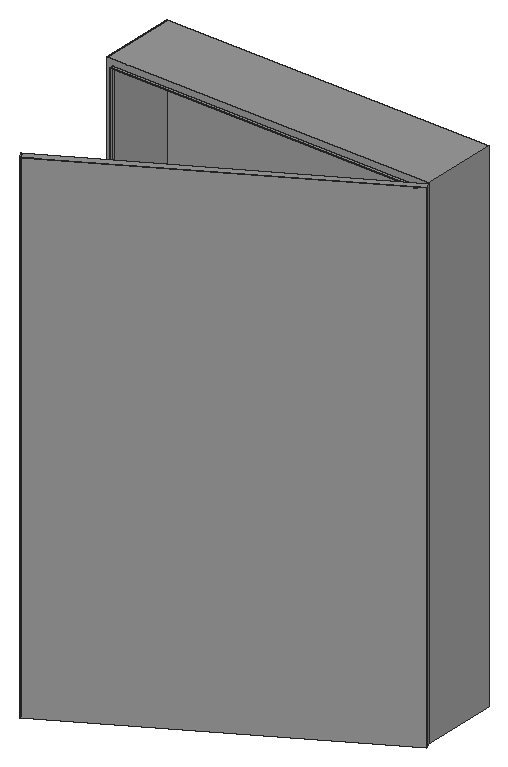
Revit family "Hager-Univers-IP44-D205-H1250-Cl.I-Encl-NoHosted-AT-de", category Equipement électrique, Revit 2020
Family settings
  Configuration du panneau = Deux colonnes, circuits au sein
  Cote de connecteur circulaire = Utiliser le diamètre
  Type d'élément = Tableau de raccordement
  Basée sur le plan de construction = Oui
  Toujours verticalement = Oui
  Couper avec des vides une fois chargée = Non
  Partagée = Non
  Point de calcul de pièce = Non
Parameters (values of type "Aufputz IP44 B800 H1250 T205  - FP83TN2")
  Width Control [instance] = if([EF000008 - Breite] > Min Width, [EF000008 - Breite], Min Width)  # 800 mm
  Commentaires du type = [HG000003 - Bereich]  # "Univers"
  Thickness Door [instance] = if([EF009171 - Materialstärke Tür/Deckel] > 3 mm, 3 mm, [EF009171 - Materialstärke Tür/Deckel])  # 1 mm
  Seal Frame Offset [instance] = 17 mm  # constant formula
  Plinth Visibility [instance] = [HG000027 - Sockelhöhe] > 0 mm  # no
  Min Width [instance] = 100 mm  # constant formula
  Min Depth [instance] = (2 * [EF009170 - Materialstärke Gehäuse]) + 1 mm  # 3 mm
  Min Height [instance] = 100 mm  # constant formula
  Internal Frame Depth [instance] = (Door System Depth * 0.5)  # 9 mm
  Panel Name [instance] = ""  # (empty or 0)
  Model = ""
  HG000027 - Sockelhöhe = 0 mm
  HG000026 - Stehend auf dem Boden = no
  HG000024 - Höhe des unteren Teils = 600 mm
  HG000023 - Gehäuse mit doppeltem Querschnitt = no
  HG000016 - 3D-Türsichtbarkeit [instance] = yes
  HG000015 - Sichtbarkeit der Türöffnung [instance] = no
  HG000014 - Tür rechts [instance] = yes
  HG000013 - Tür links [instance] = not([HG000014 - Tür rechts])  # no
  HG000012 - Türschwenkwinkel [instance] = 30.00°
  HG000010 - Asymmetrische Türen = no
  HG000009 - Doppelflügeligen Tür = no
  HG000006 - Unterputz = no
  HG000004 - Herstellerreferenz = "FP83TN2"
  HG000003 - Bereich = "Univers"
  HG000002 - Mit tür = yes
  Frame Offset Bottom [instance] = 10 mm  # constant formula
  Frame Offset [instance] = 15 mm  # constant formula
  EF015940 - Deckel mit Überdruckentlastung = no
  EF011959 - Schutzart (NEMA) = ""
  EF009554 - Anzahl der Öffnungen für Flanschplatten = 6
  EF009212 - Ausführung Deckel = "EV000116 - geschlossen"
  EF009171 - Materialstärke Tür/Deckel = 1 mm
  EF009170 - Materialstärke Gehäuse = 1 mm
  EF008873 - Nennstrom (In) = 250 A
  EF007800 - Geeignet für Blitzschutz = no
  EF006306 - Mit Schloss = no
  EF006244 - Transparenter Deckel/Tür = no
  EF005474 - Schutzart (IP) = "EV006418 - IP44"
  EF004464 - Art der Tür = "EV002646 - Einzel"
  EF004427 - Anzahl der Module = 288
  EF004293 - Schlagfestigkeit = "EV006815 - IK09"
  EF003532 - Geeignet für Außengebrauch = no
  EF002950 - Breite in Teilungseinheiten = 36
  EF001613 - Funktionserhalt = "EV000494 - ohne"
  EF001596 - Werkstoff des Gehäuses = "EV000179 - Stahl"
  EF001131 - Innentiefe = 130 mm
  EF001088 - Anbaumöglichkeit = yes
  EF000437 - Anzahl der Leitungseinführungen = 6
  EF000339 - Art der Abdeckung = "EV001012 - Deckel"
  EF000266 - Anzahl der Reihen = 8
  EF000218 - Einbautiefe = 205 mm
  EF000118 - Mit Montageplatte = no
  EF000116 - RAL-Nummer = "9010"
  EF000049 - Tiefe = 205 mm
  EF000040 - Höhe = 1250 mm
  EF000008 - Breite = 800 mm
  EF000007 - Farbe = "EV000202 - weiß"
  EF000003 - Montageart = "EV000384 - Aufputz"
  Door System Leaf Tolerance [instance] = 1.5 mm  # constant formula
  Door System Depth [instance] = 18 mm  # constant formula
  Door Height [instance] = Height Control - [HG000027 - Sockelhöhe]  # 1250 mm
  Description = ""
  Default Elevation = 1219.2 mm
  Connector Offset [instance] = Height Control / 2  # 625 mm
  Fabricant = "Hager"  # constant formula
  Height Control [instance] = if([EF000040 - Höhe] > Min Height, [EF000040 - Höhe], Min Height)  # 1250 mm
  Depth Control [instance] = if([EF000049 - Tiefe] > Min Depth, [EF000049 - Tiefe], Min Depth)  # 205 mm
  Bottom Top Plate Trim [instance] = 1.5 mm  # constant formula
  Plinth height Ctrl [instance] = if([HG000027 - Sockelhöhe] > 0 mm, [HG000027 - Sockelhöhe], 12 mm)  # 12 mm
Types (4, lengths in mm): name | Width Control | HG000010 - Asymmetrische Türen | HG000009 - Doppelflügeligen Tür | HG000004 - Herstellerreferenz | EF009554 - Anzahl der Öffnungen für Flanschplatten | EF004464 - Art der Tür | EF004427 - Anzahl der Module | EF002950 - Breite in Teilungseinheiten | EF000437 - Anzahl der Leitungseinführungen | EF000008 - Breite
  Aufputz IP44 B1050 H1250 T205  - FP84TN2 | 1050 | no | yes | "FP84TN2" | 8 | "EV003602 - Doppel" | 384 | 48 | 8 | 1050
  Aufputz IP44 B1300 H1250 T205  - FP85TN2 | 1300 | yes | yes | "FP85TN2" | 10 | "EV003602 - Doppel" | 480 | 60 | 10 | 1300
  Aufputz IP44 B550 H1250 T205  - FP82TN2 | 550 | no | no | "FP82TN2" | 4 | "EV002646 - Einzel" | 192 | 24 | 4 | 550
  Aufputz IP44 B800 H1250 T205  - FP83TN2 | 800 | no | no | "FP83TN2" | 6 | "EV002646 - Einzel" | 288 | 36 | 6 | 800
Reference planes
  plane 1 "Center (Front/Back)": y = 0
  plane 2: z = 0
  plane 3 "Center (Left/Right)": x = 0
  plane 4: y = 0
  plane 5: y = 0
  plane 6: z = 0
  plane 7: x = -400
  plane 8: x = 400
  plane 9: x = 399
  plane 10: x = -399
  plane 11: z = 0
  plane 12: z = 1
  plane 13: y = -205
  plane 14: y = -1
  plane 15: x = 0
  plane 16: y = -187
  plane 17: y = -204
  plane 18: y = -186
  plane 19: x = -384
  plane 20: x = 384
  plane 21: z = 11
  plane 22: x = -383
  plane 23: x = 383
  plane 24: z = 0
  plane 25: z = 1250
  plane 26: z = 1250
  plane 27: z = 1234
  plane 28: z = 1249
Forms (mm)
  Extrusion 1, solid, material "Hager_Steel_RAL7035_Light_Grey", detail levels medium+fine
    sketch origin (-208.679, -4572, 0) x (-1, 0, 0) y (0, -1, 0)
      loop
        line (191.321, -4385) -> (-608.679, -4385) -> (-608.679, -4572) -> (191.321, -4572) -> (191.321, -4385)
    from 0 to 1250
  Extrusion 2, void
    sketch origin (-350.771, -205, 1219.2) x (1, 0, 0) y (0, 0, 1)
      loop
        line (-48.229, 29.8) -> (-48.229, -1218.2) -> (749.771, -1218.2) -> (749.771, 29.8) -> (-48.229, 29.8)
    from -19 to -204
  Extrusion 3, void
    sketch origin (-290.084, -187, 1219.2) x (1, 0, 0) y (0, 0, 1)
      loop
        line (-93.916, -1208.2) -> (674.084, -1208.2) -> (674.084, 14.8) -> (-93.916, 14.8) -> (-93.916, -1208.2)
    from 0 to -1
  Extrusion 4, solid, material "Hager_Steel_RAL7035_Light_Grey", visible <- "Plinth Visibility", detail levels medium+fine
    sketch origin (0, 0, 0) x (1, 0, 0) y (0, 1, 0)
      loop
        line (-400, 0) -> (-400, -187) -> (400, -187) -> (400, 0) -> (-400, 0)
    from 0 to 12 <- "Plinth height Ctrl"
  Extrusion 5, solid, material "Hager_Steel_RAL7035_Light_Grey", detail levels coarse
    sketch origin (0, 0, 0) x (1, 0, 0) y (0, 1, 0)
      loop
        line (-400, 0) -> (-400, -205) -> (400, -205) -> (400, 0) -> (-400, 0)
    from 0 to 1250 <- "Height Control"
  Sweep 6, void
    path in 3D
      loop
        line (-400, -187, 12) -> (400, -187, 12) -> (400, 0, 12) -> (-400, 0, 12) -> (-400, -187, 12)
    profile origin (-400, -93.5, 12) x (1, 0, 0) y (0, 0, 1)
      loop
        line (0, 0) -> (0, -1.5) -> (1.5, -1.5)
        arc (1.5, -1.5) -> (1.061, -0.439) -> (0, 0) r 1.5
  Extrusion 7, solid, material "Hager_Steel_RAL7035_Light_Grey", detail levels fine
    sketch origin (-400, -187, 0) x (1, 0, 0) y (0, 0, 1)
      loop
        line (16, 11) -> (784, 11) -> (784, 1234) -> (16, 1234) -> (16, 11)
      loop
        line (15, 10) -> (785, 10) -> (785, 1235) -> (15, 1235) -> (15, 10)
    from 0 to 9 <- "Internal Frame Depth"
Cuts and joins
  Extrusion 2, Extrusion 3 cuts Extrusion 1
  Sweep 6 cuts Extrusion 4
Lines and regions (mm)
  Masking region 1
    outline origin (0, 0, 0) x (1, 0, 0) y (0, 1, 0)
      loop
        line (-400, 0) -> (-400, -205) -> (400, -205) -> (400, 0) -> (-400, 0)
  Masking region 2, detail levels coarse
    outline origin (-290.084, -187, 1219.2) x (-1, 0, 0) y (0, 0, 1)
      loop
        line (-690.084, -1219.2) -> (109.916, -1219.2) -> (109.916, 30.8) -> (-690.084, 30.8) -> (-690.084, -1219.2)
  Masking region 3, detail levels coarse
    outline origin (0, 0, 0) x (0, 1, 0) y (0, 0, 1)
      loop
        line (0, 0) -> (0, 1250) -> (-205, 1250) -> (-205, 0) -> (0, 0)
  Masking region 4, visible <- "Plinth Visibility", detail levels medium+fine
    outline origin (0, 0, 0) x (0, 1, 0) y (0, 0, 1)
      loop
        line (-1.5, 12) -> (-185.5, 12)
        arc (-185.5, 12) -> (-185.939, 10.939) -> (-187, 10.5) r 1.5
        line (-187, 10.5) -> (-187, 0) -> (0, 0) -> (0, 10.5)
        arc (0, 10.5) -> (-1.061, 10.939) -> (-1.5, 12) r 1.5
  Masking region 5, detail levels medium+fine
    outline origin (0, 0, 594.038) x (0, 1, 0) y (0, 0, 1)
      loop
        line (0, -594.038) -> (0, 655.962) -> (-187, 655.962) -> (-187, -594.038) -> (0, -594.038)
  Masking region 6, detail levels medium+fine
    outline origin (-359.7, -187, 1211.883) x (-1, 0, 0) y (0, 0, 1)
      loop
        line (-759.7, -1211.883) -> (40.3, -1211.883) -> (40.3, 38.117) -> (-759.7, 38.117) -> (-759.7, -1211.883)
  Masking region 7, visible <- "Plinth Visibility", detail levels medium+fine
    outline origin (-320.334, -187, 1041.368) x (-1, 0, 0) y (0, 0, 1)
      loop
        line (-720.334, -1041.368) -> (79.666, -1041.368) -> (79.666, -1030.868)
        arc (79.666, -1030.868) -> (78.606, -1030.429) -> (78.166, -1029.368) r 1.5
        line (78.166, -1029.368) -> (-718.834, -1029.368)
        arc (-718.834, -1029.368) -> (-719.273, -1030.429) -> (-720.334, -1030.868) r 1.5
        line (-720.334, -1030.868) -> (-720.334, -1041.368)
  sketch lines
    curve 1: line (-400, 0, 12) -> (-400, -187, 12)
    curve 2: line (-400, -187, 12) -> (400, -187, 12)
    curve 3: line (400, 0, 12) -> (-400, 0, 12)
    curve 4: line (400, -187, 12) -> (400, 0, 12)
Dimensions and locks
  locked: plane 1 "Center (Front/Back)" to plane 5
  "EF009170 - Materialstärke Gehäuse": plane 7 to plane 10
  "EF009170 - Materialstärke Gehäuse": plane 8 to plane 9
  equal spacing: plane 7, plane 3 "Center (Left/Right)", plane 8
  "Width Control": plane 7 to plane 8
  "Depth Control": plane 4 to plane 13
  "EF009170 - Materialstärke Gehäuse": plane 4 to plane 14
  "Height Control": plane 25 to level
  "HG000027 - Sockelhöhe": plane 11 to level
  "EF009170 - Materialstärke Gehäuse": plane 12 to plane 11
  "EF009170 - Materialstärke Gehäuse": plane 17 to plane 13
  "EF009170 - Materialstärke Gehäuse": plane 18 to plane 16
  "Frame Offset Bottom": plane 21 to plane 12
  "Frame Offset": plane 10 to plane 19
  "Frame Offset": plane 9 to plane 20
  "Door System Depth": plane 16 to plane 13
  "Seal Frame Offset": plane 7 to plane 22
  "Seal Frame Offset": plane 8 to plane 23
  "EF009170 - Materialstärke Gehäuse": plane 26 to plane 28
  "Frame Offset": plane 28 to plane 27
  "Connector Offset": plane 2 to connector elem
  "Bottom Top Plate Trim": profile plane to Sweep 6 sketch curve
  "Bottom Top Plate Trim": Sweep 6 sketch curve to Sweep 6 sketch curve
  "Plinth height Ctrl": Masking region 4 sketch curve to level
  "Plinth height Ctrl": Masking region 7 sketch curve to level
  "Thickness Door": Extrusion 7 sketch curve to Extrusion 7 sketch curve  (x4)
  "Bottom Top Plate Trim": radius of Sweep 6 sketch curve
  "Bottom Top Plate Trim": radius of Masking region 4 sketch curve  (x2)
  "Bottom Top Plate Trim": radius of Masking region 7 sketch curve  (x2)
  aligned and locked: Extrusion 2 sketch curve to plane 12
  aligned and locked: Extrusion 2 sketch curve to plane 9
  aligned and locked: Extrusion 2 sketch curve to plane 10
  aligned and locked: Extrusion 2 to plane 14
  aligned and locked: Extrusion 1 sketch curve to plane 4
  aligned and locked: plane 8 to Extrusion 1 sketch curve
  aligned and locked: plane 7 to Extrusion 1 sketch curve
  aligned and locked: Extrusion 2 to plane 18
  aligned and locked: Extrusion 3 sketch curve to plane 19
  aligned and locked: plane 20 to Extrusion 3 sketch curve
  aligned and locked: Extrusion 3 to Extrusion 2
  aligned and locked: Extrusion 3 sketch curve to plane 21
  aligned and locked: plane 3 "Center (Left/Right)" to nested 1
  aligned and locked: Extrusion 1 sketch curve to plane 16
  aligned and locked: Extrusion 4 sketch curve to cut or joined group of Extrusion 1, Extrusion 2, Extrusion 3
  aligned and locked: Masking region 1 sketch curve to plane 7
  aligned and locked: Masking region 1 sketch curve to plane 5
  aligned and locked: Masking region 1 sketch curve to plane 8
  aligned and locked: Masking region 2 sketch curve to level
  aligned and locked: level to Masking region 3 sketch curve
  aligned and locked: plane 1 "Center (Front/Back)" to Masking region 3 sketch curve
  aligned and locked: plane 13 to Masking region 3 sketch curve
  aligned and locked: plane 5 to Masking region 4 sketch curve
  aligned and locked: Masking region 2 sketch curve to plane 8
  aligned and locked: Masking region 2 sketch curve to plane 7
  aligned and locked: plane 7 to nested 2
  aligned and locked: nested 2 to plane 5
  aligned and locked: plane 5 to Masking region 5 sketch curve
  aligned and locked: plane 26 to Masking region 5 sketch curve
  aligned and locked: Extrusion 5 sketch curve to plane 8
  aligned and locked: Extrusion 5 sketch curve to plane 7
  aligned and locked: Extrusion 5 sketch curve to plane 5
  aligned and locked: Extrusion 3 sketch curve to plane 27
  aligned and locked: Extrusion 2 sketch curve to plane 28
  aligned and locked: Masking region 2 to plane 25
  aligned and locked: Extrusion 4 to plane 16
  aligned and locked: profile plane to Sweep 6 sketch curve
  aligned and locked: Masking region 5 sketch curve to plane 24
  aligned and locked: level to Masking region 4 sketch curve
  aligned and locked: Masking region 1 to plane 13
  aligned and locked: nested 1 to plane 16
  aligned and locked: Masking region 3 to plane 25
  aligned and locked: plane 16 to Masking region 4 sketch curve
  aligned and locked: Masking region 5 sketch curve to plane 16
  aligned and locked: plane 24 to plane 11
  aligned and locked: plane 26 to plane 25
  aligned and locked: plane 26 to cut or joined group of Extrusion 1, Extrusion 2, Extrusion 3
  aligned and locked: nested 1 to plane 24
  aligned and locked: Extrusion 1 to Extrusion 3
  aligned and locked: Masking region 6 sketch curve to plane 8
  aligned and locked: Masking region 6 sketch curve to plane 24
  aligned and locked: Masking region 6 sketch curve to plane 7
  aligned and locked: Masking region 6 sketch curve to plane 26
  aligned and locked: Masking region 7 sketch curve to plane 7
  aligned and locked: level to Masking region 7 sketch curve
  aligned and locked: Masking region 7 sketch curve to plane 8
  aligned and locked: Extrusion 7 sketch curve to cut or joined group of Extrusion 1, Extrusion 2, Extrusion 3  (x4)
Automatic sketch dimensions
  plane 19 to Extrusion 3 sketch curve = 0 mm
  Extrusion 3 sketch curve to plane 20 = 0 mm
  Extrusion 3 sketch curve to plane 21 = 0 mm
  Extrusion 4 sketch curve to plane 7 = 0 mm
  Extrusion 4 sketch curve to plane 8 = 0 mm
  Extrusion 4 sketch curve to plane 16 = 0 mm
  Masking region 1 sketch curve to plane 13 = 0 mm
  Masking region 2 sketch curve to plane 25 = 0 mm
  Masking region 3 sketch curve to plane 25 = 0 mm
  Extrusion 5 sketch curve to plane 13 = 0 mm
  profile plane to Sweep 6 sketch curve = 0 mm
Nested families
  nested 1: "EC000058_Univers_Door" at (0, -187, 0), Double <- "HG000009 - Doppelflügeligen Tür", Transparent <- "EF006244 - Transparenter Deckel/Tür", Angle <- "HG000012 - Türschwenkwinkel", Door_Right <- "HG000014 - Tür rechts", Assymetrical <- "HG000010 - Asymmetrische Türen", Door <- "HG000002 - Mit tür", Width_Ctrl <- "Width Control", 3d_Door <- "HG000016 - 3D-Türsichtbarkeit", Clearance <- "HG000015 - Sichtbarkeit der Türöffnung", Door_Left <- "HG000013 - Tür links", Width <- "Width Control", Door_Depth <- "Door System Depth", Leaf_Tolerance <- "Door System Leaf Tolerance", Height <- "Door Height", Lock_Visibility <- "EF006306 - Mit Schloss", Thickness <- "Thickness Door", type "EC000058_Univers_Door", detail levels medium+fine
    with min_wh 3 mm, Width_Ctrl 800 mm, Width 800 mm, Transparent no, Thickness 1 mm, Seal_Material Hager_Rubber, Lock_Visibility no, Lock_Material Hager_Plastic_RAL9005_Jet_Black, Leaf_Width 800 mm, Leaf_Tolerance_External_Sides 0 mm, Leaf_Tolerance 1.5 mm, Leaf_Offset 0 mm, Leaf_Height 1247 mm, Leaf_2_Width 800 mm, Leaf_2_Offset 400 mm, Leaf_1_Width 800 mm, Leaf_1_Offset 400 mm, Height_Ctrl 1250 mm, Height 1250 mm, Glass_Material Hager_Glass, Double_Clearance_Ctrl no, Double no, Door_Right_Ctrl yes, Door_Right yes, Door_Material Hager_Steel_RAL7035_Light_Grey, Door_Left_Ctrl no, Door_Left no, Door_Depth 18 mm, Door yes, Clearance_Material Hager_Clearance, Clearance_Depth 800 mm, Clearance_Ctrl no, Clearance no, Assymetrical no, Angle 30.00°, 3d_Door yes
  nested 2: "Hager_Enclosure_Symbol" at (-400, 0, 0), Height <- "Depth Control", Width <- "Width Control", type "Hager_Enclosure_Symbol"
    with Width_Ctrl 800 mm, Width 800 mm, Height_Ctrl 205 mm, Height 205 mm, A_Width_Int 13.453 mm, A_Width 161.438 mm, A_Height_Ctrl 179.375 mm, A_Height 179.375 mm
Connectors
  electrical at (0, 0, 625)
    settings: on plane 1 "Center (Front/Back)", index 1, voltage 0 V, apparent load 0 VA, apparent load phase1 0 VA, apparent load phase2 0 VA, apparent load phase3 0 VA, power factor 1, load classification "Other", number of poles 1, system type 30, power factor state 1, is connector primary yes, connector utility no, sub classification motor no, connector description ""
Definition of nested family "EC000058_Univers_Door"
  Parameters (values of type "EC000058_Univers_Door")
    min_wh [instance] = (2 * Thickness) + 1 mm  # 11 mm
    Width_Ctrl [instance] = 400 mm
    Width [instance] = 500 mm
    Transparent [instance] = yes
    Thickness [instance] = 5 mm
    Seal_Material [instance] = none
    Lock_Visibility [instance] = yes
    Lock_Material [instance] = none
    Leaf_Width [instance] = if((Width_Ctrl - 2 * Leaf_Tolerance_External_Sides) > 0 mm, (Width_Ctrl - 2 * Leaf_Tolerance_External_Sides), min_wh)  # 400 mm
    Leaf_Tolerance_External_Sides [instance] = 0 mm  # constant formula
    Leaf_Tolerance [instance] = 1.5 mm
    Leaf_Offset [instance] = 0 mm  # constant formula
    Leaf_Height [instance] = if((Height_Ctrl - 2 * Leaf_Tolerance) > 0 mm, (Height_Ctrl - 2 * Leaf_Tolerance), min_wh)  # 497 mm
    Leaf_2_Width [instance] = if(and(and(Double, Assymetrical), Door_Left), (Leaf_Width / 3) - (Leaf_Tolerance / 2), if(and(and(Double, Assymetrical), Door_Right), (Leaf_Width / 3) * 2 - (Leaf_Tolerance / 2), if(and(Double, not(Assymetrical)), (Leaf_Width / 2) - Leaf_Tolerance, Leaf_Width)))  # 400 mm
    Leaf_2_Offset [instance] = if(and(Double, Assymetrical), Leaf_2_Width / 2, if(and(Double, not(Assymetrical)), Leaf_Width / 4, Leaf_Width / 2))  # 200 mm
    Leaf_1_Width [instance] = if(and(and(Double, Assymetrical), Door_Right), (Leaf_Width / 3) - (Leaf_Tolerance / 2), if(and(and(Double, Assymetrical), Door_Left), (Width / 3) * 2 - (Leaf_Tolerance / 2), if(and(Double, not(Assymetrical)), (Leaf_Width / 2) - Leaf_Tolerance, Leaf_Width)))  # 400 mm
    Leaf_1_Offset [instance] = if(and(Double, Assymetrical), Leaf_1_Width / 2, if(and(Double, not(Assymetrical)), Leaf_Width / 4, Leaf_Width / 2))  # 200 mm
    Height_Ctrl [instance] = if(Height > min_wh, Height, min_wh)  # 500 mm
    Height [instance] = 500 mm
    Glass_Material [instance] = none
    Double_Clearance_Ctrl [instance] = and(Double, Clearance)  # no
    Double [instance] = no
    Door_Right_Ctrl [instance] = and(or(Door_Right, Double), Door)  # yes
    Door_Right [instance] = yes
    Door_Material [instance] = none
    Door_Left_Ctrl [instance] = and(or(Door_Left, Double), Door)  # no
    Door_Left [instance] = no
    Door_Depth [instance] = 30 mm
    Door [instance] = yes
    Default Elevation = 1219.2 mm
    Clearance_Material [instance] = none
    Clearance_Depth [instance] = if(Leaf_1_Width > Leaf_2_Width, Leaf_1_Width, Leaf_2_Width)  # 400 mm
    Clearance_Ctrl [instance] = and(not(Double), Clearance)  # yes
    Clearance [instance] = yes
    Assymetrical [instance] = yes
    Angle [instance] = 30.00°
    3d_Door [instance] = yes
  Reference planes
    plane 1 "Center (Front/Back)": y = 0
    plane 2 "Bottom": z = 0
    plane 3 "Center (Left/Right)": x = 0
    plane 4: z = 500
    plane 5: x = -200
    plane 6: x = 200
    plane 7: z = 500
    plane 8: x = -200
    plane 9: z = 0
    plane 10: x = 200
    plane 11: y = 0
    plane 12: z = 1.5
    plane 13: x = -600
    plane 14: y = -400
    plane 15: x = 600
    plane 16: x = 0
    plane 17: x = 0
    plane 18: x = -200
    plane 19: x = 200
    plane 20: z = 498.5
  Forms (mm)
    Extrusion 1, solid, material <- "Clearance_Material", visible <- "Double_Clearance_Ctrl"
      sketch origin (1200, 0, 0) x (1, 0, 0) y (0, 0, -1)
        loop
          line (-1800, -498.5) -> (-600, -498.5) -> (-600, 0) -> (-1800, 0) -> (-1800, -498.5)
      from 0 to -400
  Dimensions and locks
    equal spacing: plane 5, plane 3 "Center (Left/Right)", plane 6
    "Width_Ctrl": plane 5 to plane 6
    "Leaf_Offset": plane 5 to plane 8
    "Leaf_Offset": plane 6 to plane 10
    "Leaf_Offset": plane 9 to level
    "Leaf_Offset": plane 4 to plane 7
    "Height_Ctrl": plane 4 to level
    "Leaf_Tolerance": plane 12 to plane 9
    locked: plane 11 to plane 1 "Center (Front/Back)"
    "Leaf_1_Offset": plane 18 to plane 16
    "Leaf_2_Offset": plane 17 to plane 19
    "Leaf_1_Width": plane 13 to plane 8
    "Leaf_2_Width": plane 10 to plane 15
    "Clearance_Depth": plane 14 to plane 1 "Center (Front/Back)"
    "Leaf_Tolerance_External_Sides": plane 8 to plane 18
    "Leaf_Tolerance_External_Sides": plane 19 to plane 10
    "Leaf_Tolerance": plane 7 to plane 20
    aligned and locked: level to plane 2 "Bottom"
    aligned and locked: nested 1 to plane 16
    aligned and locked: nested 2 to plane 17
    aligned and locked: Extrusion 1 to plane 13
    aligned and locked: plane 15 to Extrusion 1
    aligned and locked: Extrusion 1 to plane 14
    aligned and locked: plane 12 to nested 1
    aligned and locked: nested 2 to plane 12
    aligned and locked: Extrusion 1 to plane 11
    aligned and locked: plane 20 to Extrusion 1
    aligned and locked: nested 2 to plane 11
    aligned and locked: nested 1 to plane 11
  Automatic sketch dimensions
    Extrusion 1 sketch curve to level = 0 mm
    plane 5 to Extrusion 1 sketch curve = 400 mm
    plane 6 to Extrusion 1 sketch curve = 400 mm
    Extrusion 1 sketch curve to plane 4 = 1.5 mm
  Nested families
    nested 1: "EC000058_Univers_Door_Leaf" at (0, 0, 1.5), Width <- "Leaf_1_Width", visible <- "Door_Left_Ctrl", Leaf_Height <- "Leaf_Height", Angle <- "Angle", 3d_Door <- "3d_Door", Transparent <- "Transparent", Clearance Material <- "Clearance_Material", Clearance <- "Clearance_Ctrl", Door_Material <- "Door_Material", Glass_Material <- "Glass_Material", Door_Depth <- "Door_Depth", Lock_Material <- "Lock_Material", Seal_Material <- "Seal_Material", Lock_Visibility <- "Lock_Visibility", Thickness <- "Thickness", type "EC000058_Univers_Door_Leaf"
      with Width 400 mm, Transparent_Glass_Offset 30 mm, Transparent_Ctrl yes, Transparent yes, Thickness 5 mm, Standard no, Seal_Material none, Seal_D2 8 mm, Seal_D1 1 mm, Offset_Internal_Frame 10 mm, Lock_Width 20 mm, Lock_Visibility_3d yes, Lock_Visibility yes, Lock_Thickness_3 3 mm, Lock_Thickness_2 1 mm, Lock_Thickness_1 3 mm, Lock_Radius_Offset_2 16 mm, Lock_Radius_Offset_1 15 mm, Lock_Radius_2 5 mm, Lock_Radius 6 mm, Lock_Offset 5 mm, Lock_Material none, Lock_Height 80 mm, Lock_Cover_Top_Offset_2d 17 mm, Lock_Cover_Height -65 mm, Leaf_Height 497 mm, Internal_Seal_Thickness 8 mm, Internal_Seal_Depth_2 4.5 mm, Internal_Frame_Depth 25 mm, Glass_Thickness -1 mm, Glass_Offset -2 mm, Glass_Material none, Door_Material none, Door_Depth 30 mm, Clearance Material none, Clearance yes, Angle_Ctrl 30.00°, Angle 30.00°, 3d_Door yes
    nested 2: "EC000058_Univers_Door_Leaf" at (0, 0, 1.5) x (-1, 0, 0) z (0, 0, 1), Width <- "Leaf_2_Width", visible <- "Door_Right_Ctrl", Leaf_Height <- "Leaf_Height", Angle <- "Angle", 3d_Door <- "3d_Door", Transparent <- "Transparent", Clearance Material <- "Clearance_Material", Clearance <- "Clearance_Ctrl", Door_Material <- "Door_Material", Glass_Material <- "Glass_Material", Door_Depth <- "Door_Depth", Lock_Material <- "Lock_Material", Seal_Material <- "Seal_Material", Lock_Visibility <- "Lock_Visibility", Thickness <- "Thickness", type "EC000058_Univers_Door_Leaf"
      with Width 400 mm, Transparent_Glass_Offset 30 mm, Transparent_Ctrl yes, Transparent yes, Thickness 5 mm, Standard no, Seal_Material none, Seal_D2 8 mm, Seal_D1 1 mm, Offset_Internal_Frame 10 mm, Lock_Width 20 mm, Lock_Visibility_3d yes, Lock_Visibility yes, Lock_Thickness_3 3 mm, Lock_Thickness_2 1 mm, Lock_Thickness_1 3 mm, Lock_Radius_Offset_2 16 mm, Lock_Radius_Offset_1 15 mm, Lock_Radius_2 5 mm, Lock_Radius 6 mm, Lock_Offset 5 mm, Lock_Material none, Lock_Height 80 mm, Lock_Cover_Top_Offset_2d 17 mm, Lock_Cover_Height -65 mm, Leaf_Height 497 mm, Internal_Seal_Thickness 8 mm, Internal_Seal_Depth_2 4.5 mm, Internal_Frame_Depth 25 mm, Glass_Thickness -1 mm, Glass_Offset -2 mm, Glass_Material none, Door_Material none, Door_Depth 30 mm, Clearance Material none, Clearance yes, Angle_Ctrl 30.00°, Angle 30.00°, 3d_Door yes
  Definition of nested family "EC000058_Univers_Door_Leaf"
    Parameters (values of type "EC000058_Univers_Door_Leaf")
      Width [instance] = 2000 mm
      Transparent_Glass_Offset [instance] = 30 mm
      Transparent_Ctrl [instance] = and(Transparent, [3d_Door])  # yes
      Transparent [instance] = yes
      Thickness [instance] = 5 mm
      Standard [instance] = and(not(Transparent), [3d_Door])  # no
      Seal_Material [instance] = none
      Seal_D2 [instance] = 8 mm  # constant formula
      Seal_D1 [instance] = 1 mm  # constant formula
      Offset_Internal_Frame [instance] = 10 mm  # constant formula
      Lock_Width [instance] = 20 mm  # constant formula
      Lock_Visibility_3d [instance] = and(Lock_Visibility, [3d_Door])  # yes
      Lock_Visibility [instance] = yes
      Lock_Thickness_3 [instance] = 3 mm  # constant formula
      Lock_Thickness_2 [instance] = 1 mm  # constant formula
      Lock_Thickness_1 [instance] = 3 mm  # constant formula
      Lock_Radius_Offset_2 [instance] = Lock_Radius_Offset_1 + 1 mm  # 16 mm
      Lock_Radius_Offset_1 [instance] = 15 mm  # constant formula
      Lock_Radius_2 [instance] = Lock_Radius - 1 mm  # 5 mm
      Lock_Radius [instance] = 6 mm  # constant formula
      Lock_Offset [instance] = 5 mm  # constant formula
      Lock_Material [instance] = none
      Lock_Height [instance] = 80 mm  # constant formula
      Lock_Cover_Top_Offset_2d [instance] = Lock_Radius_Offset_2 + 1 mm  # 17 mm
      Lock_Cover_Height [instance] = -(Lock_Height - Lock_Radius_Offset_1)  # -65 mm
      Leaf_Height [instance] = 2720.336 mm
      Internal_Seal_Thickness [instance] = 8 mm  # constant formula
      Internal_Seal_Depth_2 [instance] = 4.5 mm  # constant formula
      Internal_Frame_Depth [instance] = if(Door_Depth - Thickness > 5 mm, Door_Depth - Thickness, 5 mm)  # 25 mm
      Glass_Thickness [instance] = if(Thickness > 15 mm, Glass_Offset + 10 mm, -1 mm)  # -1 mm
      Glass_Offset [instance] = if(Thickness > 15 mm, -(Thickness + 10 mm) / 2, -2 mm)  # -2 mm
      Glass_Material [instance] = none
      Door_Material [instance] = none
      Door_Depth [instance] = 30 mm
      Default Elevation = 0 mm
      Clearance Material [instance] = none
      Clearance [instance] = yes
      Angle_Ctrl [instance] = if(Angle > 180.00°, 180.00°, Angle)  # 90.00°
      Angle [instance] = 90.00°
      3d_Door [instance] = yes
    Reference planes
      plane 1 "Center (Front/Back)": y = 0
      plane 2: z = 0
      plane 3 "Center (Left/Right)": x = 0
      plane 4: y = 2000
      plane 5: x = -1000
      plane 6: x = 1000
      plane 7: x = -3000
      plane 8: z = 2720.336
      plane 9: z = 30
      plane 10: z = 2690.336
      plane 11: x = 970
      plane 12: x = -970
      plane 13: y = -3
      plane 14: z = 107.833
      plane 15: y = -5
      plane 16: y = -223.314
      plane 17: x = -1000
      plane 18: z = 1360.168
      plane 19: y = 30
    Forms (mm)
      Extrusion 1, solid, material <- "Clearance Material", visible <- "Clearance"
        sketch origin (0, 0, 0) x (1, 0, 0) y (0, 0, 1)
          loop
            line (-3000, 2720.336) -> (-3000, 0) -> (1000, 0) -> (1000, 2720.336) -> (-3000, 2720.336)
        from 0 to -2000
      Extrusion 2, solid, material <- "Door_Material", visible <- "Standard", detail levels medium+fine
        sketch origin (-1000, 0, 0) x (0, 1, 0) y (-1, 0, 0)
          loop
            line (0, 30) -> (0, 25) -> (2000, 25) -> (2000, 30) -> (0, 30)
        from 0 to 2720.336 <- "Leaf_Height"
      Extrusion 3, solid, material <- "Door_Material", visible <- "Transparent_Ctrl", detail levels medium+fine
        sketch origin (-1000, 0, 0) x (0, 1, 0) y (-1, 0, 0)
          loop
            line (0, 25) -> (2000, 25) -> (2000, 30) -> (0, 30) -> (0, 25)
        from 0 to 2720.336 <- "Leaf_Height"
      Extrusion 4, void
        sketch origin (-1025, 2000, 0) x (0, 1, 0) y (0, 0, -1)
          loop
            line (-30, -2690.336) -> (-30, -30) -> (-1970, -30) -> (-1970, -2690.336) -> (-30, -2690.336)
        from 0 to 5 <- "Thickness"
      Sweep 5, solid, material <- "Seal_Material", visible <- "Transparent_Ctrl", detail levels fine
        path in 3D
          loop
            line (-1025, 30, 30) -> (-1025, 30, 2690.336) -> (-1025, 1970, 2690.336) -> (-1025, 1970, 30) -> (-1025, 30, 30)
        profile origin (-1025, 1000, 30) x (1, 0, 0) y (0, 0, 1)
          loop
            line (0, 0) -> (0, -8) -> (1, -8) -> (1, 0) -> (0, 0)
      Extrusion 6, solid, material <- "Glass_Material", visible <- "Transparent_Ctrl", detail levels medium+fine
        sketch origin (-1030, 0, 0) x (0, 1, 0) y (0, 0, -1)
          loop
            line (1970, -2690.336) -> (1970, -30) -> (30, -30) -> (30, -2690.336) -> (1970, -2690.336)
        from -2 <- "Glass_Offset" to -1 <- "Glass_Thickness"
      Extrusion 7, solid, material <- "Door_Material", visible <- "3d_Door", detail levels medium+fine
        sketch origin (-1025, 2000, 0) x (0, -1, 0) y (0, 0, -1)
          loop
            line (0, -2720.336) -> (2000, -2720.336) -> (2000, 0) -> (0, 0) -> (0, -2720.336)
          loop
            line (1995, -5) -> (5, -5) -> (5, -2715.336) -> (1995, -2715.336) -> (1995, -5)
        from 0 to 25 <- "Internal_Frame_Depth"
      Sweep 8, solid, material <- "Seal_Material", visible <- "Transparent_Ctrl", detail levels fine
        path in 3D
          loop
            line (-1025, 0, 0) -> (-1025, 2000, 0) -> (-1025, 2000, 2720.336) -> (-1025, 0, 2720.336) -> (-1025, 0, 0)
        profile origin (-1025, 0, 1360.168) x (1, 0, 0) y (0, 1, 0)
          loop
            line (0, 10) -> (2.975, 10)
            arc (2.975, 10) -> (4.053, 10.447) -> (4.5, 11.525) r 1.525
            line (4.5, 11.525) -> (4.5, 16.527)
            arc (4.5, 16.527) -> (4.069, 17.569) -> (3.027, 18) r 1.473
            line (3.027, 18) -> (0, 18) -> (0, 10)
      Extrusion 9, solid, material <- "Lock_Material", visible <- "Lock_Visibility_3d", detail levels fine
        sketch origin (-1030, 0, 0) x (0, 1, 0) y (0, 0, -1)
          loop
            arc (1993.5, -1400.168) -> (1994.561, -1399.729) -> (1995, -1398.668) r 1.5
            line (1995, -1398.668) -> (1995, -1320.168) -> (1975, -1320.168) -> (1975, -1398.668)
            arc (1975, -1398.668) -> (1975.439, -1399.729) -> (1976.5, -1400.168) r 1.5
            line (1976.5, -1400.168) -> (1993.5, -1400.168)
        from 3 <- "Lock_Thickness_1" to 0
      Blend 10, solid, material <- "Lock_Material", visible <- "Lock_Visibility_3d", detail levels fine
        base sketch origin (-1033, 0, 0) x (0, 1, 0) y (0, 0, -1)
          loop
            line (1975, -1320.168) -> (1975, -1398.668)
            arc (1975, -1398.668) -> (1975.439, -1399.729) -> (1976.5, -1400.168) r 1.5
            line (1976.5, -1400.168) -> (1993.5, -1400.168)
            arc (1993.5, -1400.168) -> (1994.561, -1399.729) -> (1995, -1398.668) r 1.5
            line (1995, -1398.668) -> (1995, -1320.168) -> (1975, -1320.168)
        top sketch origin (-1033, 0, 0) x (0, 1, 0) y (0, 0, -1)
          loop
            line (1976, -1320.168) -> (1976, -1398.668)
            arc (1976, -1398.668) -> (1976.146, -1399.022) -> (1976.5, -1399.168) r 0.5
            line (1976.5, -1399.168) -> (1993.5, -1399.168)
            arc (1993.5, -1399.168) -> (1993.854, -1399.022) -> (1994, -1398.668) r 0.5
            line (1994, -1398.668) -> (1994, -1320.168) -> (1976, -1320.168)
        from 0 to 1 <- "Lock_Thickness_2"
      Blend 11, solid, material <- "Lock_Material", visible <- "Lock_Visibility_3d", detail levels fine
        base sketch origin (-1034, 0, 0) x (0, 1, 0) y (0, 0, -1)
          loop
            line (1978, -1320.168) -> (1978, -1384.168)
            arc (1978, -1384.168) -> (1985, -1391.168) -> (1992, -1384.168) r 7
            line (1992, -1384.168) -> (1992, -1320.168) -> (1978, -1320.168)
        top sketch origin (-1034, 0, 0) x (0, 1, 0) y (0, 0, -1)
          loop
            line (1991, -1320.168) -> (1979, -1320.168) -> (1979, -1383.168)
            arc (1979, -1383.168) -> (1985, -1389.168) -> (1991, -1383.168) r 6
            line (1991, -1383.168) -> (1991, -1320.168)
        from 0 to 3 <- "Lock_Thickness_3"
      Extrusion 12, solid, material <- "Lock_Material", visible <- "Lock_Visibility_3d", detail levels fine
        sketch origin (-1030, 1975, 1320.168) x (1, 0, 0) y (0, -1, 0)
          loop
            line (-7, -19) -> (-7, -1) -> (0, -1) -> (0, 0) -> (-8, 0) -> (-8, -20) -> (0, -20) -> (0, -19) -> (-7, -19)
        from 0 to -65 <- "Lock_Cover_Height"
      Extrusion 13, void
        sketch origin (-1038, 1995, 1320.168) x (-1, 0, 0) y (0, 0, -1)
          loop
            line (-5, -65) -> (0, -65) -> (-5, -60) -> (-5, -65)
        from 0 to 20 <- "Lock_Width"
      Extrusion 14, void
        sketch origin (-1038, 1975, 1320.168) x (0, -1, 0) y (0, 0, -1)
          loop
            circle (-10, -15.995) r 6
          loop
            circle (-10, -15.995) r 5
        from 0 to 2
      Extrusion 15, solid, material <- "Lock_Material", visible <- "Lock_Visibility_3d", detail levels medium
        sketch origin (-1030, 0, 0) x (0, 1, 0) y (0, 0, -1)
          loop
            arc (1993.5, -1400.168) -> (1994.561, -1399.729) -> (1995, -1398.668) r 1.5
            line (1995, -1398.668) -> (1995, -1320.168) -> (1975, -1320.168) -> (1975, -1398.668)
            arc (1975, -1398.668) -> (1975.439, -1399.729) -> (1976.5, -1400.168) r 1.5
            line (1976.5, -1400.168) -> (1993.5, -1400.168)
        from 8 to 0
    Cuts and joins
      Extrusion 4 cuts Extrusion 3
      Extrusion 13, Extrusion 14 cuts Extrusion 9
      Extrusion 14 cuts Blend 11
      Extrusion 13, Extrusion 14 cuts Extrusion 12
      joined: Extrusion 9, Blend 10, Blend 11, Extrusion 12
      Extrusion 14 cuts Extrusion 15
    Lines and regions (mm)
      Masking region 1, visible <- "Lock_Visibility", detail levels fine
        outline origin (0, 0, 0) x (0, 1, 0) y (0, 0, 1)
          loop
            line (30, 1320.168) -> (33, 1320.168) -> (33, 1400.168) -> (30, 1400.168) -> (30, 1320.168)
      Masking region 2, visible <- "Lock_Visibility", detail levels fine
        outline origin (0, 3.143, 0) x (0, 1, 0) y (0, 0, 1)
          loop
            line (29.857, 1354.168) -> (30.857, 1354.168) -> (30.857, 1366.168) -> (29.857, 1366.168) -> (29.857, 1354.168)
      Masking region 3, detail levels medium+fine
        outline origin (0, 0, 0) x (0, 1, 0) y (0, 0, 1)
          loop
            line (0, 0) -> (30, 0) -> (30, 2720.336) -> (0, 2720.336) -> (0, 0)
      Masking region 4, detail levels medium+fine
        outline origin (0, 0, 0) x (1, 0, 0) y (0, 0, 1)
          loop
            line (-1000, 2720.336) -> (-1000, 0) -> (1000, 0) -> (1000, 2720.336) -> (-1000, 2720.336)
      Masking region 5, visible <- "Lock_Visibility", detail levels fine
        outline origin (-47.116, 0, 0) x (1, 0, 0) y (0, 0, 1)
          loop
            arc (1024.616, 1399.168) -> (1023.556, 1398.729) -> (1023.116, 1397.668) r 1.5
            line (1023.116, 1397.668) -> (1023.116, 1320.168) -> (1041.116, 1320.168) -> (1041.116, 1397.668)
            arc (1041.116, 1397.668) -> (1040.677, 1398.729) -> (1039.616, 1399.168) r 1.5
            line (1039.616, 1399.168) -> (1024.616, 1399.168)
      Masking region 6, visible <- "Lock_Visibility", detail levels medium+fine
        outline origin (-25, 0, 0) x (1, 0, 0) y (0, 0, 1)
          loop
            arc (1001.5, 1400.168) -> (1000.439, 1399.729) -> (1000, 1398.668) r 1.5
            line (1000, 1398.668) -> (1000, 1320.168) -> (1020, 1320.168) -> (1020, 1398.668)
            arc (1020, 1398.668) -> (1019.561, 1399.729) -> (1018.5, 1400.168) r 1.5
            line (1018.5, 1400.168) -> (1001.5, 1400.168)
      Masking region 7, visible <- "Lock_Visibility", detail levels fine
        outline origin (-73.735, 0, 0) x (1, 0, 0) y (0, 0, 1)
          loop
            line (1051.735, 1382.168) -> (1065.735, 1382.168) -> (1065.735, 1384.168)
            arc (1065.735, 1384.168) -> (1058.735, 1391.168) -> (1051.735, 1384.168) r 7
            line (1051.735, 1384.168) -> (1051.735, 1382.168)
      Masking region 8, visible <- "Lock_Visibility", detail levels fine
        outline origin (-73.735, 0, 0) x (1, 0, 0) y (0, 0, 1)
          loop
            line (1052.735, 1382.168) -> (1064.735, 1382.168) -> (1064.735, 1383.168)
            arc (1064.735, 1383.168) -> (1058.735, 1389.168) -> (1052.735, 1383.168) r 6
            line (1052.735, 1383.168) -> (1052.735, 1382.168)
      Masking region 9, visible <- "Lock_Visibility", detail levels fine
        outline origin (-25, 0, 0) x (1, 0, 0) y (0, 0, 1)
          loop
            line (1020, 1320.168) -> (1020, 1382.168) -> (1000, 1382.168) -> (1000, 1320.168) -> (1020, 1320.168)
      Masking region 10, detail levels medium+fine
        outline origin (0, 0, 0) x (1, 0, 0) y (0, 0, 1)
          loop
            circle (985, 1335.144) r 6
      Masking region 11, detail levels fine
        outline origin (0, 0, 0) x (1, 0, 0) y (0, 0, 1)
          loop
            circle (985, 1335.144) r 5
      Masking region 12, visible <- "Lock_Visibility", detail levels fine
        outline origin (0, 12.767, 0) x (0, 1, 0) y (0, 0, 1)
          loop
            line (20.233, 1320.168) -> (21.233, 1320.168) -> (21.233, 1399.168) -> (20.233, 1400.168) -> (20.233, 1320.168)
      Masking region 13, visible <- "Lock_Visibility", detail levels fine
        outline origin (0, 13.767, -10) x (0, 1, 0) y (0, 0, 1)
          loop
            line (20.233, 1330.168) -> (23.233, 1330.168) -> (23.233, 1399.168) -> (20.233, 1402.168) -> (20.233, 1330.168)
      Masking region 14, visible <- "Lock_Visibility", detail levels fine
        outline origin (0, 12.767, -10) x (0, 1, 0) y (0, 0, 1)
          loop
            line (20.233, 1330.168) -> (25.233, 1330.168) -> (25.233, 1399.305) -> (20.233, 1394.305) -> (20.233, 1330.168)
      Masking region 15, visible <- "Lock_Visibility", detail levels medium
        outline origin (0, 0, 0) x (0, 1, 0) y (0, 0, 1)
          loop
            line (30, 1320.168) -> (38, 1320.168) -> (38, 1400.168) -> (30, 1400.168) -> (30, 1320.168)
      Masking region 16, visible <- "Lock_Visibility", detail levels fine
        outline origin (-1000, 0, 0) x (0, 1, 0) y (-1, 0, 0)
          loop
            line (1975, 30) -> (1995, 30) -> (1995, 38) -> (1975, 38) -> (1975, 30)
          loop
            line (1979, 37) -> (1976, 37) -> (1976, 34) -> (1978, 34) -> (1979, 37)
          loop
            line (1994, 37) -> (1991, 37) -> (1992, 34) -> (1994, 34) -> (1994, 37)
      Masking region 17, visible <- "Lock_Visibility", detail levels medium
        outline origin (-1000, 0, 0) x (0, 1, 0) y (-1, 0, 0)
          loop
            line (1975, 30) -> (1995, 30) -> (1995, 38) -> (1975, 38) -> (1975, 30)
      symbolic lines
        curve 1: line (1000, 0, 0) -> (-3000, 0, 0)
        curve 2: arc (1000, 0, 0) -> (-1000, 2000, 0) -> (-3000, 0, 0) r 2000
        curve 4: line (-1030, 0, 0) -> (-1030, 2000, 0)
      reference lines
        curve 3: line (-1000, 0, 0) -> (-1000, 2000, 0)
      symbolic lines, detail levels medium+fine
        curve 5: line (-1030, 2000, 0) -> (-1025, 2000, 0)
        curve 7: line (-1025, 0, 0) -> (-1030, 0, 0)
        curve 8: line (-1025, 0, 0) -> (-1000, 0, 0)
        curve 9: line (-1000, 0, 0) -> (-1000, 2000, 0)
        curve 10: line (-1000, 2000, 0) -> (-1025, 2000, 0)
      symbolic lines, detail levels fine
        curve 6: line (-1025, 2000, 0) -> (-1025, 0, 0)
      sketch lines
        curve 11: line (-1025, 0, 2720.336) -> (-1025, 0, 0)
        curve 12: line (-1025, 2000, 0) -> (-1025, 0, 0)
        curve 13: line (-1025, 2000, 2720.336) -> (-1025, 2000, 0)
        curve 14: line (-1025, 0, 2720.336) -> (-1025, 2000, 2720.336)
        curve 15: line (-1025, 1970, 30) -> (-1025, 30, 30)
        curve 16: line (-1025, 30, 30) -> (-1025, 30, 2690.336)
        curve 17: line (-1025, 1970, 2690.336) -> (-1025, 1970, 30)
        curve 18: line (-1025, 30, 2690.336) -> (-1025, 1970, 2690.336)
      symbolic lines, visible <- "Transparent", detail levels medium+fine
        curve 19: line (-970, 0, 2690.336) -> (970, 0, 2690.336)
        curve 20: line (-970, 0, 30) -> (-970, 0, 2690.336)
        curve 21: line (970, 0, 30) -> (-970, 0, 30)
        curve 22: line (970, 0, 2690.336) -> (970, 0, 30)
    Dimensions and locks
      "Width": plane 1 "Center (Front/Back)" to plane 4
      equal spacing: plane 5, plane 3 "Center (Left/Right)", plane 6
      "Width": plane 5 to plane 6
      "Width": plane 7 to plane 5
      "Leaf_Height": plane 8 to level
      "Width": curve 5 to curve 3
      "Width": curve 3 to curve 3
      plane 8 to plane 10 = 30 mm
      plane 9 to level = 30 mm
      plane 12 to plane 5 = 30 mm
      plane 6 to plane 11 = 30 mm
      Extrusion 1 to Extrusion 4 sketch curve = 30 mm
      "Transparent_Glass_Offset": curve 3 to Extrusion 4 sketch curve
      "Transparent_Glass_Offset": Extrusion 4 sketch curve to cut or joined group of Extrusion 3, Extrusion 4  (x2)
      cut or joined group of Extrusion 3, Extrusion 4 to Extrusion 6 sketch curve = 30 mm
      "Transparent_Glass_Offset": cut or joined group of Extrusion 3, Extrusion 4 to Extrusion 4 sketch curve
      "Thickness": curve 6 to curve 4
      "Thickness": Extrusion 7 sketch curve to Extrusion 7 sketch curve  (x4)
      "Door_Depth": curve 4 to curve 3
      "Offset_Internal_Frame": profile plane to Sweep 8 sketch curve
      "Internal_Seal_Thickness": Sweep 8 sketch curve to Sweep 8 sketch curve
      "Internal_Seal_Depth_2": profile plane to Sweep 8 sketch curve
      "Seal_D1": profile plane to Sweep 5 sketch curve
      "Seal_D2": profile plane to Sweep 5 sketch curve
      "Thickness": Extrusion 2 sketch curve to Extrusion 2 sketch curve
      equal spacing: Extrusion 9 sketch curve, plane 18, Extrusion 9 sketch curve  (x2)
      equal spacing: Masking region 1 sketch curve, plane 18, Masking region 1 sketch curve
      "Lock_Height": Masking region 1 sketch curve to Masking region 1 sketch curve
      "Lock_Radius": Masking region 2 sketch curve to plane 18 to Masking region 2 sketch curve
      Masking region 2 sketch curve to Masking region 1 = 1 mm
      "Door_Depth": plane 19 to plane 1 "Center (Front/Back)"
      "Lock_Thickness_1": Masking region 1 sketch curve to plane 19
      "Lock_Width": Extrusion 9 sketch curve to Extrusion 9 sketch curve
      "Lock_Height": Extrusion 9 sketch curve to Extrusion 9 sketch curve
      "Lock_Offset": cut or joined group of Extrusion 3, Extrusion 4 to Extrusion 9 sketch curve
      equal spacing: plane 8, plane 18, level
      "Lock_Radius_Offset_1": Blend 11 sketch curve to Blend 10
      locked: Blend 10 to Blend 11 sketch curve at 2  (x2)
      locked: var sketch to Blend 11 sketch curve at 1  (x2)
      "Lock_Radius_Offset_2": Blend 11 sketch curve to Blend 10
      locked: Extrusion 12 sketch curve to Extrusion 12 sketch curve at 1  (x3)
      Masking region 6 sketch curve to Masking region 6 sketch curve = 80 mm
      "Lock_Height": Masking region 6 sketch curve to Masking region 6 sketch curve
      "Lock_Width": Masking region 6 sketch curve to Masking region 6 sketch curve
      locked: Masking region 6 to Masking region 5 sketch curve at 1  (x3)
      locked: Masking region 5 to Masking region 7 sketch curve at 2  (x2)
      "Lock_Radius_Offset_1": Masking region 5 to Masking region 7 sketch curve
      "Lock_Radius_Offset_2": Masking region 5 to Masking region 8 sketch curve
      locked: Masking region 7 to Masking region 8 sketch curve at 1  (x2)
      "Lock_Cover_Top_Offset_2d": Masking region 5 to Masking region 9 sketch curve
      equal spacing: Masking region 9, Masking region 10 sketch curve, Masking region 9
      equal spacing: Masking region 9, Masking region 11 sketch curve, Masking region 9
      Extrusion 15 sketch curve to Extrusion 15 sketch curve = 80 mm
      "Lock_Width": Extrusion 15 sketch curve to Extrusion 15 sketch curve
      "Lock_Height": Extrusion 15 sketch curve to Extrusion 15 sketch curve
      equal spacing: Extrusion 15 sketch curve, plane 18, Extrusion 15 sketch curve
      "Lock_Thickness_3": Masking region 13 sketch curve to Masking region 13 sketch curve
      "Lock_Height": Masking region 12 sketch curve to Masking region 12 sketch curve
      locked: Masking region 13 sketch curve to Masking region 1 at 8
      locked: Masking region 14 sketch curve to Masking region 13 at 1
      locked: Masking region 14 sketch curve to Masking region 1 at 10.863
      "Lock_Height": Masking region 15 sketch curve to Masking region 15 sketch curve
      "Lock_Offset": Extrusion 15 sketch curve to cut or joined group of Extrusion 3, Extrusion 4
      "Lock_Offset": plane 6 to Masking region 6 sketch curve
      radius of Sweep 8 sketch curve = 1.525 mm
      radius of Sweep 8 sketch curve = 1.473 mm
      radius of Extrusion 9 sketch curve = 1.5 mm  (x2)
      "Lock_Radius": radius of Extrusion 14 sketch curve
      "Lock_Radius_2": radius of Extrusion 14 sketch curve
      "Lock_Radius": radius of Masking region 10 sketch curve
      "Lock_Radius_2": radius of Masking region 11 sketch curve
      radius of Extrusion 15 sketch curve = 1.5 mm  (x2)
      "Angle_Ctrl": angle plane 1 "Center (Front/Back)" to curve 3
      locked: Masking region 12 sketch curve to Masking region 12 sketch curve (angle 45.00°)
      locked: Masking region 13 sketch curve to Masking region 13 sketch curve (angle 45.00°)
      locked: Masking region 14 sketch curve to Masking region 14 sketch curve (angle 45.00°)
      aligned and locked: level to plane 2
      aligned and locked: Extrusion 1 to curve 1
      aligned and locked: plane 6 to Extrusion 1
      aligned and locked: Extrusion 1 to plane 1 "Center (Front/Back)"
      aligned and locked: plane 4 to Extrusion 1
      aligned and locked: plane 8 to Extrusion 1
      aligned and locked: curve 7 to Extrusion 2 sketch curve
      aligned and locked: curve 5 to Extrusion 2 sketch curve
      aligned and locked: curve 7 to Extrusion 3 sketch curve
      aligned and locked: Extrusion 3 sketch curve to curve 4
      aligned and locked: Extrusion 3 sketch curve to curve 6
      aligned and locked: Extrusion 3 sketch curve to curve 5
      aligned and locked: curve 9 to curve 3
      aligned and locked: Extrusion 7 sketch curve to cut or joined group of Extrusion 3, Extrusion 4  (x4)
      aligned and locked: plane 17 to curve 3
      aligned and locked: plane 1 "Center (Front/Back)" to curve 3
      aligned and locked: plane 17 to plane 5
      aligned and locked: Sweep 8 sketch curve to profile plane
      aligned and locked: Sweep 5 sketch curve to profile plane  (x2)
      aligned and locked: Masking region 1 to Masking region 2 sketch curve
      aligned and locked: plane 19 to Masking region 1 sketch curve
      aligned and locked: plane 1 "Center (Front/Back)" to Masking region 3 sketch curve
      aligned and locked: plane 19 to Masking region 3 sketch curve
      aligned and locked: level to Masking region 3 sketch curve
      aligned and locked: Masking region 3 sketch curve to plane 8
      aligned and locked: plane 17 to Masking region 4 sketch curve
      aligned and locked: level to Masking region 4 sketch curve
      aligned and locked: Masking region 4 sketch curve to plane 8
      aligned and locked: plane 12 to curve 20
      aligned and locked: plane 10 to curve 19
      aligned and locked: plane 11 to curve 22
      aligned and locked: curve 21 to plane 9
      aligned and locked: Extrusion 2 sketch curve to cut or joined group of Extrusion 3, Extrusion 4
      aligned and locked: Blend 10 sketch curve to Extrusion 9  (x4)
      aligned and locked: Extrusion 9 to Blend 10 sketch curve
      aligned and locked: Blend 10 to Blend 11 sketch curve
      aligned and locked: Extrusion 12 sketch curve to Blend 11
      aligned and locked: Extrusion 12 sketch curve to Extrusion 9  (x4)
      aligned and locked: Masking region 5 sketch curve to Masking region 6
      aligned and locked: Masking region 9 sketch curve to Masking region 6  (x3)
      aligned and locked: Masking region 12 sketch curve to Masking region 1
      aligned and locked: Masking region 13 sketch curve to Masking region 1
      aligned and locked: Masking region 12 to Masking region 14
      aligned and locked: Masking region 14 sketch curve to Masking region 1
      aligned and locked: Masking region 15 sketch curve to Masking region 14
      aligned and locked: Masking region 13 sketch curve to Masking region 12
      aligned and locked: Masking region 16 sketch curve to cut or joined group of Extrusion 14, Extrusion 15  (x4)
      aligned and locked: Masking region 16 sketch curve to cut or joined group of Extrusion 9, Blend 10, Blend 11, Extrusion 12, Extrusion 13, Extrusion 14  (x6)
      aligned and locked: cut or joined group of Extrusion 9, Blend 10, Blend 11, Extrusion 12, Extrusion 13, Extrusion 14 to Masking region 16 sketch curve
      aligned and locked: Masking region 17 sketch curve to cut or joined group of Extrusion 14, Extrusion 15  (x3)
      aligned and locked: Masking region 17 sketch curve to cut or joined group of Extrusion 9, Blend 10, Blend 11, Extrusion 12, Extrusion 13, Extrusion 14
      aligned and locked: Masking region 9 to Masking region 8 sketch curve
      aligned and locked: Masking region 9 to Masking region 7 sketch curve
    Automatic sketch dimensions
      plane 1 "Center (Front/Back)" to curve 2 = 0 mm
      curve 2 to plane 5 = 0 mm
      Extrusion 1 sketch curve to level = 0 mm
      Extrusion 1 sketch curve to plane 7 = 0 mm
      Extrusion 1 sketch curve to plane 6 = 0 mm
      Extrusion 1 sketch curve to plane 8 = 0 mm
      Extrusion 3 to Extrusion 6 sketch curve = 30 mm  (x4)
      Masking region 4 sketch curve to plane 6 = 0 mm
      Blend 10 sketch curve to Extrusion 9 = 1.5 mm
      Blend 10 sketch curve to Extrusion 9 = 1 mm
      Extrusion 13 sketch curve to Extrusion 12 = 0 mm  (x2)
      Extrusion 12 to Extrusion 13 sketch curve = 3 mm
      Extrusion 13 sketch curve to Extrusion 12 = 5 mm
      Extrusion 14 sketch curve to Extrusion 14 sketch curve = 0 mm  (x2)
      Extrusion 14 sketch curve to Extrusion 12 = 10 mm
      Extrusion 14 sketch curve to Extrusion 12 = 15.995 mm
      Masking region 5 sketch curve to Masking region 5 sketch curve = 1.5 mm  (x2)
      Masking region 10 sketch curve to plane 18 = 25.024 mm
      Masking region 11 sketch curve to plane 18 = 25.024 mm
      plane 19 to Masking region 14 sketch curve = 3 mm
      Masking region 16 sketch curve to Masking region 16 sketch curve = 3 mm
      curve 4 to curve 3 = 0 mm
      Blend 10 to Blend 11 sketch curve = 0 mm
      Masking region 6 sketch curve to Masking region 6 sketch curve = 1.5 mm  (x2)
      Masking region 6 sketch curve to plane 18 = 40 mm
      plane 19 to Masking region 12 sketch curve = 3 mm
      Masking region 12 sketch curve to Masking region 12 sketch curve = 1 mm
      Masking region 15 sketch curve to plane 19 = 0 mm
      Masking region 15 sketch curve to plane 18 = 40 mm
      radius of Blend 10 sketch curve to Extrusion 9 = 1 mm
Definition of nested family "Hager_Enclosure_Symbol"
  Parameters (values of type "Hager_Enclosure_Symbol")
    Width_Ctrl [instance] = if(Width > 1 mm, Width, 1 mm)  # 102.27 mm
    Width [instance] = 102.27 mm
    Height_Ctrl [instance] = if(Height > 1 mm, Height, 1 mm)  # 66.5 mm
    A_Width_Int [instance] = if(A_Width / 12 > 2 mm, A_Width / 12, 2 mm)  # 4.364 mm
    A_Width [instance] = if(A_Height_Ctrl * 0.9 > 2 mm, A_Height_Ctrl * 0.9, 2 mm)  # 52.369 mm
    A_Height_Ctrl [instance] = if(A_Height > 2 mm, A_Height, 2 mm)  # 58.188 mm
    Height [instance] = 66.5 mm
    A_Height [instance] = Height - (Height / 8)  # 58.188 mm
  Reference planes
    plane 1 "Centre (avant/arrière)": y = 0
    plane 2: z = 0
    plane 3 "Centre (gauche/droite)": x = 0
    plane 4: x = 52.369
    plane 5: y = 33.042
    plane 6: y = 41.77
    plane 7: y = 66.5
    plane 8: x = 26.184
    plane 9: y = 37.406
    plane 10: x = 102.27
    plane 11: y = 66.5
    plane 12: y = 8.313
  Lines and regions (mm)
    Filled region 1, type "Solid_Black", in view "Niveau de réf."
      outline origin (0, 0, 0) x (1, 0, 0) y (0, 1, 0)
        loop
          line (52.369, 66.5) -> (33.188, 54.536) -> (45.365, 45.006) -> (52.369, 66.5)
    Filled region 2, type "Solid_Black", in view "Niveau de réf."
      outline origin (0, 0, 0) x (1, 0, 0) y (0, 1, 0)
        loop
          line (0, 0) -> (102.27, 0) -> (102.27, 66.5) -> (0, 0)
    detail lines, in view "Niveau de réf."
      curve 1: line (0, 8.313, 0) -> (26.184, 41.77, 0)
      curve 2: line (26.184, 41.77, 0) -> (26.184, 33.042, 0)
      curve 3: line (26.184, 33.042, 0) -> (52.369, 66.5, 0)
  Dimensions and locks
    "A_Width": plane 3 "Centre (gauche/droite)" to plane 4
    equal spacing: plane 3 "Centre (gauche/droite)", plane 8, plane 4
    equal spacing: plane 6, plane 9, plane 5
    equal spacing: curve 3, Filled region 1 sketch curve, Filled region 1 sketch curve
    "Height_Ctrl": plane 1 "Centre (avant/arrière)" to plane 11
    "A_Height_Ctrl": plane 11 to plane 12
    equal spacing: plane 11, plane 9, plane 12
    "A_Width_Int": plane 6 to plane 9
    "Width_Ctrl": plane 3 "Centre (gauche/droite)" to plane 10
    angle Filled region 1 sketch curve to curve 3 = 20.00°
    angle curve 3 to Filled region 1 sketch curve = 20.00°
    locked: curve 3 to Filled region 1 sketch curve (angle 90.00°)
    aligned and locked: plane 10 to Filled region 2
    aligned and locked: plane 11 to Filled region 2 sketch curve
    aligned and locked: plane 10 to Filled region 2 sketch curve
    aligned and locked: plane 3 "Centre (gauche/droite)" to curve 1
    aligned and locked: plane 12 to curve 1
    aligned and locked: plane 7 to plane 11
  Automatic sketch dimensions
    Filled region 1 sketch curve to plane 4 = 0 mm
    Filled region 1 sketch curve to plane 7 = 0 mm
    plane 1 "Centre (avant/arrière)" to Filled region 2 sketch curve = 0 mm
    Filled region 2 sketch curve to plane 3 "Centre (gauche/droite)" = 0 mm
    curve 2 to plane 6 = 0 mm
    curve 2 to plane 8 = 0 mm
    curve 3 to plane 4 = 0 mm
    curve 2 to plane 5 = 0 mm
    curve 3 to plane 7 = 0 mm
